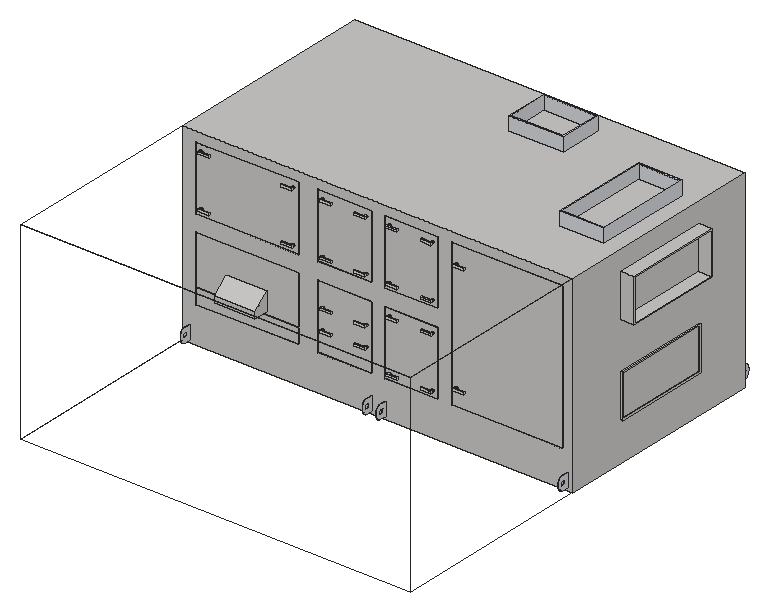
Revit family "DN-3IN-ECH-2FP", category Mechanical Equipment, Revit 2019
Family settings
  Round Connector Dimension = Use Diameter
  Part Type = Normal
  OmniClass Number = 23.75.00.00
  OmniClass Title = Climate Control (HVAC)
  Work Plane-Based = No
  Always vertical = Yes
  Cut with Voids When Loaded = No
  Shared = No
  Room Calculation Point = No
Parameters (values of type "2 @ 2.70 kW ea.")
  Voltage [instance] = "200-240 V"
  Unit Weight Range (lbs) [instance] = "3100-3675 lbs."
  Max. Shipping Weight (lbs) [instance] = "3325-3900 lbs."
  Unit Dimensions (L x W x H) [instance] = "149-7/8\" x 92-1/8\" x 73-7/8\""
  Shipping Dimensions (L x W x H) [instance] = "160\" x 90\" x 79\""
  Unit [instance] = Renewaire - Galvanized Steel
  URL = "www.renewaire.com"
  Typical Airflow Range = "750-3,300 CFM"
  Standard Features [instance] = "EC Motors for both airstreams, Direct drive backward inclined plenum, Higher ESP of up to 2.5\" w.g. at 3,000 CFM, Integrated programmable controls, True 100% face and bypass enthalpy based modulating economizer, Class 1 low leakage motorized isolation dampers, Stainless steel double-sloped drain pan with cooling option, 1\" Double wall foam injected 20 gauge galvanized panel construction with R6.5 insulation"
  Service Area Visibility [instance] = yes
  Service Area Box [instance] = Renewaire - Interference
  Revit Object Download Link [instance] = ""
  Phase [instance] = "Three"
  Options [instance] = "DX, heat pump, or chilled water cooling coil, Modulating hot gas reheat, Steam or hot water coil, gas heat module or electric heater, Onboard variable frequency drives (VFDs) - both airstreams, Fused disconnect, Spring isolators (VFDs only), 2\" Double wall foam injected 20 gauge galvanized panel construction with R13 insulation, Exterior paint - grey, white, custom color, BACNET factory activation, GFCI convenience outlet, Recirculation damper, Drain overflow switch, Mist Eliminator, Electrofin coating for coils"
  Number Motors [instance] = "Qty. 2, Direct drive motorized impeller packages"
  Model = "DN-3IN-ECH-2FP"
  Minimum Circuit Amps [instance] = "19.4 A"
  Maximum Overcurrent Protection [instance] = "25 A"
  Manufacturer = "Renewaire LLC"
  Inlets/Outlets [instance] = "OA & RA Inlets: 36\" x 16\", SA Outlet: 24\" x 16\", EA Outlet: 20\" x 16\""
  Frequency [instance] = "50/60 Hz"
  Filters [instance] = "Total qty. 6, MERV 8: 20\" x 20\" x 2\""
  FLA per Motor [instance] = "8.6-7.2"
  Energy Recovery Type [instance] = "Static plate total energy transfer"
  Description = "Energy Recovery Ventilator"
  Accessories [instance] = "Filters - MERV 13, 2\"  and 4\" (shipped loose), MERV 14, 2\" and 4\" (shipped loose), Additional filters available upon request, Duct mounted electric pre-heater (separately powered), Carbon dioxide sensor/control - wall mount (CO2-W), duct mount (CO2-D), IAQ sensor - wall mount (IAQ-W), duct mount (IAQ-D), Motion occupancy sensor/control - ceiling mount (MC-C), wall mount (MC-W), Smoke detector, Room temperature and humidity sensor, Duct static pressure sensor with display to 10\", without display 0-2\", Room pressure sensor with display to 1\", without display 0-1\", Waterless trap negative pressure, Waterless trap positive pressure, Remote display"
  AHRI 1060 Certified Core [instance] = "Three L-125-G5"
Types (6): name | Voltage | Minimum Circuit Amps | Maximum Overcurrent Protection | FLA per Motor
  (no name) | "200-240 V" | "19.4 A" | "25 A" | "8.6-7.2"
  2 @ 2.70 kW ea. | "200-240 V" | "19.4 A" | "25 A" | "8.6-7.2"
  2 @ 3.70 kW ea. | "380-480 V" | "13.5 A" | "15 A" | "6.0-4.6"
  2 @ 5HP ea. 208-230V | "208-230 V" | "31.3 A" | "45 A" | "13.9-13.4/6.7"
  2 @ 5HP ea. 460V | "460V" | "15.1 A" | "20 A" | "6.7"
  2 @ 5HP ea. 575V | "575V" | "11.9 A" | "15 A" | "5.3"
Reference planes (in)
  plane 1 "Center (Front/Back)": y = 0
  plane 2: z = 0
  plane 3 "Center (Left/Right)": x = 0
  plane 4: y = -39.6875
  plane 5: x = -73
Forms (in)
  Extrusion 1, solid, material "Renewaire - Galvanized Steel" <- "Unit"
    sketch origin (0, 0, 0) x (0, 1, 0) y (0, 0, 1)
      loop
        line (38.6875, 70.875) -> (-40.6875, 70.875) -> (-40.6875, 0) -> (38.6875, 0) -> (38.6875, 70.875)
    from 70.875 to -73
  Extrusion 2, void
    sketch origin (0, 0, 0) x (1, 0, 0) y (0, 0, 1)
      loop
        line (-68.17984, 67.32399) -> (-68.17984, 43.32172) -> (-30.17986, 43.32172) -> (-30.17986, 67.32399) -> (-68.17984, 67.32399)
      loop
        line (-3.23221, 67.32399) -> (-23.2322, 67.32399) -> (-23.2322, 43.32172) -> (-3.23221, 43.32172) -> (-3.23221, 67.32399)
      loop
        line (21.2974, 67.32399) -> (1.2974, 67.32399) -> (1.2974, 43.32172) -> (21.2974, 43.32172) -> (21.2974, 67.32399)
      loop
        line (67.20649, 67.32399) -> (26.2065, 67.32399) -> (26.2065, 13.32173) -> (67.20649, 13.32173) -> (67.20649, 67.32399)
      loop
        line (-68.17984, 37.32286) -> (-68.17984, 13.3206) -> (-30.17986, 13.3206) -> (-30.17986, 37.32286) -> (-68.17984, 37.32286)
      loop
        line (-3.23221, 37.32286) -> (-23.2322, 37.32286) -> (-23.2322, 13.3206) -> (-3.23221, 13.3206) -> (-3.23221, 37.32286)
      loop
        line (21.2974, 37.32286) -> (1.2974, 37.32286) -> (1.2974, 13.3206) -> (21.2974, 13.3206) -> (21.2974, 37.32286)
    from 41.6875 to 39.6875
  Extrusion 3, solid, material "Renewaire - Galvanized Steel" <- "Unit"
    sketch origin (0, -1.04504, 1.25231) x (0, 1, 0) y (0, 0, 1)
      loop
        line (12.02253, 30.88417) -> (-11.97747, 30.88417) -> (-11.97747, 14.88417) -> (12.02253, 14.88417) -> (12.02253, 30.88417)
      loop
        line (11.77253, 30.63417) -> (-11.72747, 30.63417) -> (-11.72747, 15.13417) -> (11.77253, 15.13417) -> (11.77253, 30.63417)
    from -73 to -74
  Extrusion 4, solid, material "Renewaire - Galvanized Steel" <- "Unit"
    sketch origin (0, -1.04504, 3) x (0, 1, 0) y (0, 0, 1)
      loop
        line (-17.97746, 27.82167) -> (-17.97746, 11.82167) -> (18.02254, 11.82167) -> (18.02254, 27.82167) -> (-17.97746, 27.82167)
      loop
        line (-17.72746, 27.57167) -> (-17.72746, 12.07167) -> (17.77254, 12.07167) -> (17.77254, 27.57167) -> (-17.72746, 27.57167)
    from 71.875 to 70.875
  Extrusion 5, solid, material "Renewaire - Galvanized Steel" <- "Unit"
    sketch origin (0, -1.04504, 2) x (0, 1, 0) y (0, 0, 1)
      loop
        line (-17.97746, 61.86166) -> (-17.97746, 45.86166) -> (18.02254, 45.86166) -> (18.02254, 61.86166) -> (-17.97746, 61.86166)
      loop
        line (-17.72746, 61.61166) -> (-17.72746, 46.11166) -> (17.77254, 46.11166) -> (17.77254, 61.61166) -> (-17.72746, 61.61166)
    from 76 to 70.875
  Extrusion 6, solid, material "Renewaire - Galvanized Steel" <- "Unit"
    sketch origin (-0.94821, 0, 2.00006) x (1, 0, 0) y (0, 0, 1)
      loop
        line (22.23876, 61.82394) -> (2.23875, 61.82394) -> (2.23875, 45.82395) -> (22.23876, 45.82395) -> (22.23876, 61.82394)
      loop
        line (21.98876, 61.57394) -> (2.48875, 61.57394) -> (2.48875, 46.07395) -> (21.98876, 46.07395) -> (21.98876, 61.57394)
    from -38.6875 to -43.6875
  Extrusion 7, void
    sketch origin (0, 0, 0) x (1, 0, 0) y (0, 1, 0)
      loop
        line (-71, 36.6875) -> (-71, -38.6875) -> (68.875, -38.6875) -> (68.875, 36.6875) -> (-71, 36.6875)
    from -1 to 6
  Extrusion 8, void
    sketch origin (0, 0, 0) x (1, 0, 0) y (0, 1, 0)
      loop
        line (63.82319, 17.02251) -> (47.8232, 17.02251) -> (47.8232, -18.97749) -> (63.82319, -18.97749) -> (63.82319, 17.02251)
      loop
        line (-48.2055, 11.02929) -> (-64.2055, 11.02929) -> (-64.2055, -12.97071) -> (-48.2055, -12.97071) -> (-48.2055, 11.02929)
    from 4 to 6.125
  Extrusion 9, solid, material "Renewaire - Galvanized Steel" <- "Unit"
    sketch origin (0, -1, 3) x (0, 1, 0) y (0, 0, 1)
      loop
        circle (-17.81314, 21.39443) r 3
      loop
        circle (-17.81314, 21.38898) r 2.75
    from -74 to -73
  Extrusion 10, solid, material "Renewaire - Interference" <- "Service Area Box"
    sketch origin (0, 0, 0) x (1, 0, 0) y (0, 1, 0)
      loop
        line (-73, -40.6875) -> (-73, -115.6875) -> (70.875, -115.6875) -> (70.875, -40.6875) -> (-73, -40.6875)
    from 0 to 70.875
  Extrusion 11, solid
    sketch origin (0, 0, 0) x (1, 0, 0) y (0, 1, 0)
      loop
        line (2.27522, 15.62747) -> (22.2752, 15.62747) -> (22.2752, 31.62747) -> (2.27522, 31.62747) -> (2.27522, 15.62747)
      loop
        line (2.52522, 31.37747) -> (2.52522, 15.87747) -> (22.0252, 15.87747) -> (22.0252, 31.37747) -> (2.52522, 31.37747)
    from 70.875 to 75.875
  Extrusion 12, solid
    sketch origin (0, 0, 0) x (1, 0, 0) y (0, 1, 0)
      loop
        line (48.8232, 17.02251) -> (48.8232, -18.97749) -> (64.87498, -18.97749) -> (64.87498, 17.02251) -> (48.8232, 17.02251)
      loop
        line (49.0732, 16.77251) -> (49.0732, -18.72749) -> (64.62498, -18.72749) -> (64.62498, 16.77251) -> (49.0732, 16.77251)
    from 70.875 to 75.875
  Extrusion 13, solid, material "Renewaire - Galvanized Steel" <- "Unit"
    sketch origin (0, 0, 0) x (1, 0, 0) y (0, 0, 1)
      loop
        line (-67.92984, 67.07399) -> (-67.92984, 43.57172) -> (-30.42986, 43.57172) -> (-30.42986, 67.07399) -> (-67.92984, 67.07399)
      loop
        line (-67.92984, 37.07286) -> (-67.92984, 19.3206) -> (-30.42986, 19.3206) -> (-30.42986, 37.07286) -> (-67.92984, 37.07286)
      loop
        line (-22.9822, 67.07399) -> (-22.9822, 43.57172) -> (-3.48221, 43.57172) -> (-3.48221, 67.07399) -> (-22.9822, 67.07399)
      loop
        line (1.5474, 67.07399) -> (1.5474, 43.57172) -> (21.0474, 43.57172) -> (21.0474, 67.07399) -> (1.5474, 67.07399)
      loop
        line (-22.9822, 37.07286) -> (-22.9822, 13.5706) -> (-3.48221, 13.5706) -> (-3.48221, 37.07286) -> (-22.9822, 37.07286)
      loop
        line (1.5474, 37.07286) -> (1.5474, 13.5706) -> (21.0474, 13.5706) -> (21.0474, 37.07286) -> (1.5474, 37.07286)
      loop
        line (26.4565, 67.07399) -> (26.4565, 13.57173) -> (66.95649, 13.57173) -> (66.95649, 67.07399) -> (26.4565, 67.07399)
      loop
        line (-67.92984, 19.0706) -> (-67.92984, 13.5706) -> (-30.42986, 13.5706) -> (-30.42986, 19.0706) -> (-67.92984, 19.0706)
    from 39.6875 to 40.6875
  Extrusion 14, solid, material "Renewaire - Galvanized Steel" <- "Unit"
    sketch origin (-2.69114, 0, 1.46043) x (0, 1, 0) y (0, 0, 1)
      loop
        line (-38.6875, 27.36287) -> (-46.3706, 21.36017) -> (-46.3706, 18.86017) -> (-38.6875, 18.86017) -> (-38.6875, 27.36287)
    from -54.17871 to -39.29871
Cuts and joins
  Extrusion 2, Extrusion 7, Extrusion 8 cuts Extrusion 1
Dimensions and locks (in)
  aligned and locked: level to plane 2
  aligned and locked: Extrusion 5 to cut or joined group of Extrusion 1, Extrusion 2, Extrusion 7, Extrusion 8
  aligned and locked: Extrusion 6 to cut or joined group of Extrusion 1, Extrusion 2, Extrusion 7, Extrusion 8
  aligned and locked: Extrusion 3 to Extrusion 9
  aligned and locked: plane 5 to Extrusion 9
  aligned and locked: cut or joined group of Extrusion 1, Extrusion 2, Extrusion 7, Extrusion 8 to nested 1
  aligned and locked: cut or joined group of Extrusion 1, Extrusion 2, Extrusion 7, Extrusion 8 to Extrusion 10 sketch curve
  aligned and locked: Extrusion 10 sketch curve to cut or joined group of Extrusion 1, Extrusion 2, Extrusion 7, Extrusion 8
  aligned and locked: Extrusion 10 to level
Nested families (in)
  nested 1: "Handle" at (-32.28191, -40.6875, 64.71643), type "Handle"
    with Right Handle no, Left Handle yes, Flip yes
  nested 2: "Handle" at (-32.28191, -40.6875, 45.71643), type "Handle"
    with Right Handle no, Left Handle yes, Flip yes
  nested 3: "Handle" at (-66.19507, -40.6875, 64.71643) x (-1, 0, 0) z (0, 0, 1), type "Handle"
    with Right Handle no, Left Handle yes, Flip yes
  nested 4: "Handle" at (-66.19507, -40.6875, 45.71643) x (-1, 0, 0) z (0, 0, 1), type "Handle"
    with Right Handle no, Left Handle yes, Flip yes
  nested 5: "Handle" at (-5.33426, -40.6875, 28.86287), type "Handle"
    with Right Handle no, Left Handle yes, Flip yes
  nested 6: "Handle" at (-5.33426, -40.6875, 21.4653), type "Handle"
    with Right Handle no, Left Handle yes, Flip yes
  nested 7: "Handle" at (-21.24744, -40.6875, 28.86287) x (-1, 0, 0) z (0, 0, 1), type "Handle"
    with Right Handle no, Left Handle yes, Flip yes
  nested 8: "Handle" at (-21.24744, -40.6875, 21.4653) x (-1, 0, 0) z (0, 0, 1), type "Handle"
    with Right Handle no, Left Handle yes, Flip yes
  nested 9: "Lifting Lug" at (-70.513, 38.6875, 0.74993) x (0, 1, 0) z (0, 0, 1), Material <- "Unit", type "Lifting Lug"
    with Material Renewaire - Galvanized Steel
  nested 10: "Lifting Lug" at (1.70251, 38.6875, 0.74993) x (0, 1, 0) z (0, 0, 1), Material <- "Unit", type "Lifting Lug"
    with Material Renewaire - Galvanized Steel
  nested 11: "Lifting Lug" at (68.85071, 38.6875, 0.74993) x (0, 1, 0) z (0, 0, 1), Material <- "Unit", type "Lifting Lug"
    with Material Renewaire - Galvanized Steel
  nested 12: "Lifting Lug" at (-3.38708, 38.6875, 0.74993) x (0, 1, 0) z (0, 0, 1), Material <- "Unit", type "Lifting Lug"
    with Material Renewaire - Galvanized Steel
  nested 13: "Lifting Lug" at (-70.513, -40.6875, 0.74993) x (0, -1, 0) z (0, 0, 1), Material <- "Unit", type "Lifting Lug"
    with Material Renewaire - Galvanized Steel
  nested 14: "Lifting Lug" at (1.70251, -40.6875, 0.74993) x (0, -1, 0) z (0, 0, 1), Material <- "Unit", type "Lifting Lug"
    with Material Renewaire - Galvanized Steel
  nested 15: "Lifting Lug" at (68.85071, -40.6875, 0.74993) x (0, -1, 0) z (0, 0, 1), Material <- "Unit", type "Lifting Lug"
    with Material Renewaire - Galvanized Steel
  nested 16: "Lifting Lug" at (-3.38708, -40.6875, 0.74993) x (0, -1, 0) z (0, 0, 1), Material <- "Unit", type "Lifting Lug"
    with Material Renewaire - Galvanized Steel
  nested 17: "Handle" at (-21.24743, -40.6875, 64.71643) x (-1, 0, 0) z (0, 0, 1), type "Handle"
    with Right Handle no, Left Handle yes, Flip yes
  nested 18: "Handle" at (-21.24743, -40.6875, 45.71643) x (-1, 0, 0) z (0, 0, 1), type "Handle"
    with Right Handle no, Left Handle yes, Flip yes
  nested 19: "Handle" at (3.28218, -40.6875, 64.71643) x (-1, 0, 0) z (0, 0, 1), type "Handle"
    with Right Handle no, Left Handle yes, Flip yes
  nested 20: "Handle" at (3.28218, -40.6875, 45.71643) x (-1, 0, 0) z (0, 0, 1), type "Handle"
    with Right Handle no, Left Handle yes, Flip yes
  nested 21: "Handle" at (3.28218, -40.6875, 34.7153) x (-1, 0, 0) z (0, 0, 1), type "Handle"
    with Right Handle no, Left Handle yes, Flip yes
  nested 22: "Handle" at (3.28218, -40.6875, 15.7153) x (-1, 0, 0) z (0, 0, 1), type "Handle"
    with Right Handle no, Left Handle yes, Flip yes
  nested 23: "Handle" at (-5.33426, -40.6875, 64.71643), type "Handle"
    with Right Handle no, Left Handle yes, Flip yes
  nested 24: "Handle" at (-5.33426, -40.6875, 45.71643), type "Handle"
    with Right Handle no, Left Handle yes, Flip yes
  nested 25: "Handle" at (19.19535, -40.6875, 64.71643), type "Handle"
    with Right Handle no, Left Handle yes, Flip yes
  nested 26: "Handle" at (19.19535, -40.6875, 45.71643), type "Handle"
    with Right Handle no, Left Handle yes, Flip yes
  nested 27: "Handle" at (19.19535, -40.6875, 34.7153), type "Handle"
    with Right Handle no, Left Handle yes, Flip yes
  nested 28: "Handle" at (19.19535, -40.6875, 15.7153), type "Handle"
    with Right Handle no, Left Handle yes, Flip yes
  nested 29: "Handle" at (27.90471, -40.6875, 60.57394) x (-1, 0, 0) z (0, 0, 1), type "Handle"
    with Right Handle no, Left Handle yes, Flip yes
  nested 30: "Handle" at (27.90471, -40.6875, 19.59892) x (-1, 0, 0) z (0, 0, 1), type "Handle"
    with Right Handle no, Left Handle yes, Flip yes
Connectors (in)
  hvac at (-74, -1.02251, 24.13648)
    settings: on Extrusion 3, index 1, duct flow 0 CFM, flow factor 0, pres drop 0.00 in-wg, loss coef 0, conn angle 0.00°, conn width 24", conn height 16", conn diameter 24", duct sys type 1, conn prof type 1, flow config 0, flow direction 2, loss method 0, conn ref index -1, conn util no, is conn primary yes, conn desc "Supply Air (SA)"
  hvac at (71.875, -1.0225, 22.82167)
    settings: on Extrusion 4, index 4, duct flow 0 CFM, flow factor 0, pres drop 0.00 in-wg, loss coef 0, conn angle 0.00°, conn width 36", conn height 16", conn diameter 24", duct sys type 2, conn prof type 1, flow config 0, flow direction 1, loss method 0, conn ref index -1, conn util no, is conn primary no, conn desc "Return Air (RA)"
  hvac at (76, -1.0225, 55.86166)
    settings: on Extrusion 5, index 5, duct flow 0 CFM, flow factor 0, pres drop 0.00 in-wg, loss coef 0, conn angle 0.00°, conn width 36", conn height 16", conn diameter 24", duct sys type 4, conn prof type 1, flow config 0, flow direction 1, loss method 0, conn ref index -1, conn util no, is conn primary no, conn desc "Outside Air (AO)"
  hvac at (11.29054, 43.6875, 55.82401)
    settings: on Extrusion 6, index 8, duct flow 0 CFM, flow factor 0, pres drop 0.00 in-wg, loss coef 0, conn angle 0.00°, conn width 20", conn height 16", conn diameter 24", duct sys type 3, conn prof type 1, flow config 0, flow direction 2, loss method 0, conn ref index -1, conn util no, is conn primary no, conn desc "Exhaust Air (EA)"
  hvac at (12.27521, 23.62747, 75.875)
    settings: on Extrusion 11, index 9, duct flow 0 CFM, flow factor 0, pres drop 0.00 in-wg, loss coef 0, conn angle 0.00°, conn width 20", conn height 16", conn diameter 24", duct sys type 3, conn prof type 1, flow config 0, flow direction 2, loss method 0, conn ref index -1, conn util no, is conn primary no, conn desc "Exhaust Air (EA)"
  hvac at (56.84909, -0.97749, 75.875)
    settings: on Extrusion 12, index 10, duct flow 0 CFM, flow factor 0, pres drop 0.00 in-wg, loss coef 0, conn angle 0.00°, conn width 16", conn height 36", conn diameter 24", duct sys type 4, conn prof type 1, flow config 0, flow direction 1, loss method 0, conn ref index -1, conn util no, is conn primary no, conn desc "Outside Air (AO)"
  hvac at (55.8232, -0.97749, 6.125)
    settings: on cut or joined group of Extrusion 1, Extrusion 2, Extrusion 7, Extrusion 8, index 11, duct flow 0 CFM, flow factor 0, pres drop 0.00 in-wg, loss coef 0, conn angle 0.00°, conn width 16", conn height 36", conn diameter 24", duct sys type 2, conn prof type 1, flow config 0, flow direction 1, loss method 0, conn ref index -1, conn util no, is conn primary no, conn desc "Return Air (RA)"
  hvac at (-56.2055, -0.97071, 6)
    settings: on cut or joined group of Extrusion 1, Extrusion 2, Extrusion 7, Extrusion 8, index 12, duct flow 0 CFM, flow factor 0, pres drop 0.00 in-wg, loss coef 0, conn angle 0.00°, conn width 24", conn height 16", conn diameter 24", duct sys type 1, conn prof type 1, flow config 0, flow direction 2, loss method 0, conn ref index -1, conn util no, is conn primary no, conn desc "Supply Air (SA)"
Definition of nested family "Handle"
  Parameters (values of type "Handle")
    Right Handle [instance] = not(Flip)  # no
    Material = none
    Left Handle [instance] = Flip  # yes
    Flip [instance] = yes
  Reference planes (in)
    plane 1 "Center (Front/Back)": y = 0
    plane 2: z = 0
    plane 3 "Center (Left/Right)": x = 0
  Forms (in)
    Extrusion 1, solid, material <- "Material"
      sketch origin (0, 0, 0) x (1, 0, 0) y (0, 0, 1)
        loop
          circle (0, 0) r 0.375
      from 0 to 0.75
    Extrusion 2, solid, material <- "Material", visible <- "Right Handle"
      sketch origin (0, 0, 0) x (1, 0, 0) y (0, 1, 0)
        loop
          line (-0.375, -0.75) -> (-0.375, -1.25) -> (3.625, -1.25) -> (3.625, -0.75) -> (-0.375, -0.75)
      from -0.375 to 0.375
    Extrusion 3, solid, material <- "Material", visible <- "Left Handle"
      sketch origin (-3.25, 0, 0) x (1, 0, 0) y (0, 1, 0)
        loop
          line (-0.375, -0.75) -> (-0.375, -1.25) -> (3.625, -1.25) -> (3.625, -0.75) -> (-0.375, -0.75)
      from -0.375 to 0.375
  Dimensions and locks (in)
    aligned and locked: plane 2 to level
Definition of nested family "Lifting Lug"
  Parameters (values of type "Lifting Lug")
    Material [instance] = none
  Reference planes (in)
    plane 1 "Center (Front/Back)": y = 0
    plane 2: z = 0
    plane 3 "Center (Left/Right)": x = 0
  Forms (in)
    Extrusion 1, solid
      sketch origin (0, 0, 0) x (1, 0, 0) y (0, 0, 1)
        loop
          line (0, 0.1875) -> (2, 0.1875)
          arc (2, 0.1875) -> (3.41421, 0.77329) -> (4, 2.1875) r 2
          line (4, 2.1875) -> (4, 3.1875)
          arc (4, 3.1875) -> (3.41421, 4.60171) -> (2, 5.1875) r 2
          line (2, 5.1875) -> (0, 5.1875) -> (0, 0.1875)
        loop
          circle (2.125, 2.6875) r 1
      from 0 to 0.25
  Dimensions and locks (in)
    aligned and locked: plane 2 to level
